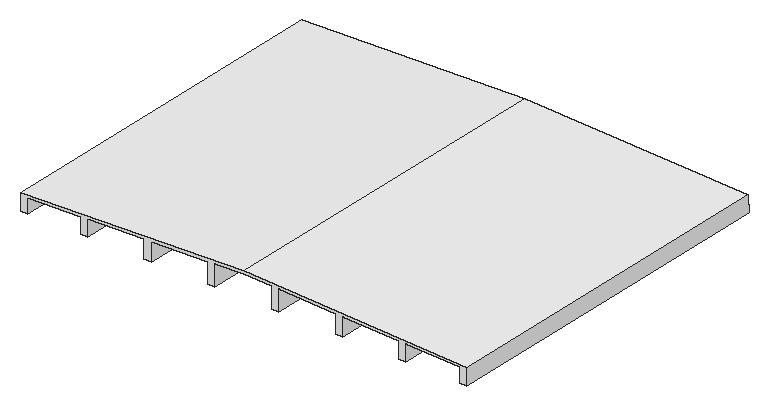
Revit family "CT_Bloco_I_Laje_Con_Nervurada", category Structural Framing, Revit 2025
Family settings
  Section Shape = Not Defined
  Material for Model Behavior = Other
  Always export as geometry = No
  OmniClass Number = 23.25.30.11.14.14
  OmniClass Title = Beams
  Always vertical = Yes
  Cut with Voids When Loaded = No
  Symbolic Representation = From Family
  Shared = No
  Show family pre-cut in plan views = Yes
Parameters (values of type "LAJ_CON_NER_COB")
  Structural Material [instance] = Default
  Material_Lajes = CT_Concreto
  Length [instance] = 3.000 m
  Comp [instance] = 15.000 m
Reference planes (m)
  plane 1 "Center (Front/Back)": y = 0
  plane 2 "Center Elevation": z = 0
  plane 3 "Center (Left/Right)": x = 0
  plane 4 "Left": x = -1.5
  plane 5 "Right": x = 1.5
Forms (m)
  Extrusion 1, solid, material "CT_Concreto" <- "Material_Lajes"
    sketch origin (0, 0, 0) x (1, 0, 0) y (0, 0, 1)
      loop
        line (-6.635714, 0.691816) -> (-4.221429, 0.778261) -> (-4.221429, 0) -> (-3.921429, 0) -> (-3.921429, 0.789003) -> (-1.507143, 0.875448) -> (-1.507143, 0) -> (-1.207143, 0) -> (-1.207143, 0.88619) -> (0, 0.929413) -> (1.207143, 0.88619) -> (1.207143, 0) -> (1.507143, 0) -> (1.507143, 0.875448) -> (3.921429, 0.789003) -> (3.921429, 0) -> (4.221429, 0) -> (4.221429, 0.778261) -> (6.635714, 0.691816) -> (6.635714, 0) -> (6.935714, 0) -> (6.935714, 0.681074) -> (9.2, 0.6) -> (9.2, 0) -> (9.5, 0) -> (9.5, 0.689322) -> (0, 1.029477) -> (-9.5, 0.689322) -> (-9.5, 0) -> (-9.2, 0) -> (-9.2, 0.6) -> (-6.935714, 0.681074) -> (-6.935714, 0) -> (-6.635714, 0) -> (-6.635714, 0.691816)
    from 0 to 15
Lines and regions (m)
  model lines, style "Stick Symbols", detail levels coarse
    curve 1: line (-1, 0, 0) -> (1, 0, 0)
Dimensions and locks (m)
  "Length": plane 4 "Left" to plane 5 "Right"
  "Comp": Extrusion 1 to Extrusion 1
  aligned and locked: plane 1 "Center (Front/Back)" to curve 1
  aligned and locked: level to plane 2 "Center Elevation"
  aligned and locked: Extrusion 1 to plane 2 "Center Elevation"  (x3)
  aligned and locked: plane 2 "Center Elevation" to Extrusion 1  (x4)
Automatic sketch dimensions
  Extrusion 1 sketch curve to level = 0.000 m  (x8)
  plane 4 "Left" to Extrusion 1 sketch curve = 0.007143 m
  level to Extrusion 1 sketch curve = 0.789003 m
  Extrusion 1 sketch curve to Extrusion 1 sketch curve = 2.414286 m  (x4)
  Extrusion 1 sketch curve to Extrusion 1 sketch curve = 0.300 m  (x6)
  level to Extrusion 1 sketch curve = 0.681074 m  (x2)
  Extrusion 1 sketch curve to Extrusion 1 sketch curve = 2.264286 m  (x2)
  level to Extrusion 1 sketch curve = 0.689322 m
  Extrusion 1 sketch curve to plane 5 "Right" = 0.007143 m
  level to Extrusion 1 sketch curve = 0.600 m
  Extrusion 1 sketch curve to Extrusion 1 sketch curve = 0.089322 m  (x2)
  Extrusion 1 sketch curve to Extrusion 1 sketch curve = 0.010742 m  (x6)
  level to Extrusion 1 sketch curve = 0.778261 m
  level to Extrusion 1 sketch curve = 0.875448 m  (x2)
  level to Extrusion 1 sketch curve = 0.929413 m
  Extrusion 1 sketch curve to Extrusion 1 sketch curve = 0.100064 m
  Extrusion 1 sketch curve to plane 3 "Center (Left/Right)" = 0.000 m  (x2)
  curve 1 to plane 4 "Left" = 0.500 m
  Extrusion 1 sketch curve to plane 4 "Left" = 0.292857 m
  plane 5 "Right" to curve 1 = 0.500 m
  plane 5 "Right" to Extrusion 1 sketch curve = 0.292857 m
